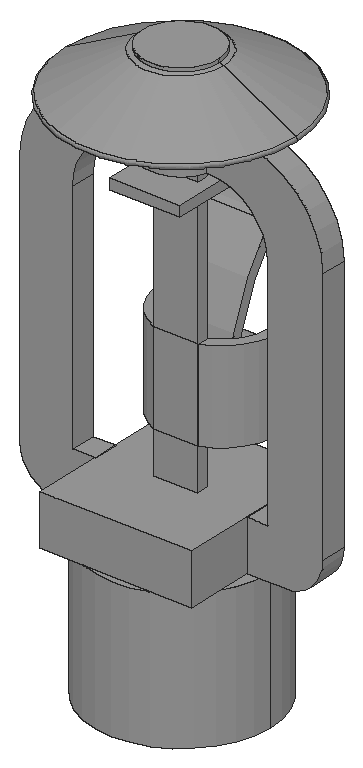
Revit family
Parameters (values of type "RASCO G CONVENTIONAL")
  Temperature Rating = 165 °F
  Response = (empty or 0)
  RASCO SIN # = "R1075"
  RASCO Part # = "GC1C"
  Pressure Rating = "175 PSI"
  Pressure Class = (empty or 0)
  Orifice Size = 1/2"
  Orifice = (empty or 0)
  Model = "G"
  Manufacturer = "RASCO"
  K-Factor = 5.62
  Description = "Chrome Finish"
  Coverage = (empty or 0)
Reference planes (in)
  plane 1 "Center (Front/Back)": y = 0
  plane 2: z = 0
  plane 3 "Center (Left/Right)": x = 0
Dimensions and locks (in)
  aligned and locked: plane 2 to level
Nested families (in)
  nested 1: "GC1C" at (0, 0, 0), type "RASCO G CONVENTIONAL"
Connectors (in)
  piping at (0, 0, 0)
    settings: on nested 1, index 1, connector radius 0.43", flow factor 0, pipe flow 0 GPM, pressure drop 0.00 psi, fitting loss kfactor 0, connector angle 0.00°, fixture units 0, flow configuration 0, flow direction 0, fitting loss method 0, system type 7, connector reference index -1, connector utility 0, adjustable connector no, is connector primary yes, fitting loss table "", connector description ""
Definition of nested family "GC1C"
  Parameters (values of type "RASCO G CONVENTIONAL")
    Type Comments = ""
    Temperature Rating = 0 °F
    Response = (empty or 0)
    Pressure Rating = "0"
    Pressure Class = (empty or 0)
    Orifice Size = 0"
    Orifice = (empty or 0)
    Model = ""
    Manufacturer = ""
    K-Factor = 0
    Description = ""
    Coverage = (empty or 0)
    Assembly Code = ""
  Reference planes (in)
    plane 1 "Center (Front/Back)": y = 0
    plane 2: z = 0
    plane 3 "ref.2": z = 0.6875
    plane 4 "ref.3": z = 0.9375
    plane 5: x = -0.38065
    plane 6: x = 0.36935
    plane 7 "ref. side 1": y = 0.06402
    plane 8 "ref. side 2": y = -0.06098
    plane 9 "ref.4": z = 1.875
    plane 10 "ref.5": z = 2.875
    plane 11 "center": x = -0.00574
  Forms (in)
    Extrusion 1, solid, material "Default"
      sketch origin (0, 0, 0) x (1, 0, 0) y (0, 1, 0)
        loop
          circle (0, 0) r 0.438
      from 0 to 0.6875
    Extrusion 2, solid, material "Default"
      sketch origin (-0.12185, 0.05177, 0.6875) x (1, 0, 0) y (0, 1, 0)
        loop
          line (-0.2588, 0.356) -> (-0.2588, -0.4565) -> (0.4912, -0.4565) -> (0.4912, 0.356) -> (-0.2588, 0.356)
      from 0 to 0.25
    Extrusion 3, solid, material "Default"
      sketch origin (0, 0, 0) x (1, 0, 0) y (0, 0, 1)
        loop
          line (-0.49248, 0.9375) -> (-0.49248, 2.10276)
          arc (-0.49248, 2.10276) -> (-0.40724, 2.30855) -> (-0.20145, 2.39379) r 0.29103
          line (-0.20145, 2.39379) -> (0.18108, 2.39379)
          arc (0.18108, 2.39379) -> (0.38905, 2.30765) -> (0.47519, 2.09969) r 0.29411
          line (0.47519, 2.09969) -> (0.47519, 0.9375) -> (0.36935, 0.9375) -> (0.36935, 0.6875) -> (0.55741, 0.6875)
          arc (0.55741, 0.6875) -> (0.69165, 0.7431) -> (0.74725, 0.87734) r 0.18984
          line (0.74725, 0.87734) -> (0.74725, 2.14825)
          arc (0.74725, 2.14825) -> (0.61669, 2.46344) -> (0.3015, 2.594) r 0.44574
          line (0.3015, 2.594) -> (-0.30719, 2.594)
          arc (-0.30719, 2.594) -> (-0.62225, 2.46349) -> (-0.75275, 2.14843) r 0.44556
          line (-0.75275, 2.14843) -> (-0.75275, 0.87876)
          arc (-0.75275, 0.87876) -> (-0.69673, 0.74352) -> (-0.56149, 0.6875) r 0.19126
          line (-0.56149, 0.6875) -> (-0.38065, 0.6875) -> (-0.38065, 0.9375) -> (-0.49248, 0.9375)
      from -0.06402 to 0.06098
    Extrusion 4, solid, material "Default"
      sketch origin (-0.00199, 0, 2.4375) x (-1, 0, 0) y (0, -1, 0)
        loop
          circle (0.00574, -0.00152) r 0.1875
      from -0.04371 to 0.4375
    Revolve 5, solid, material "Default"
      sketch origin (-0.0011, 0, 0.30638) x (1, 0, 0) y (0, 0, 1)
        loop
          line (-0.00574, 2.33367) -> (-0.00574, 2.55423) -> (-0.18796, 2.55423)
          arc (-0.18796, 2.55423) -> (-0.20324, 2.55235) -> (-0.21761, 2.54682) r 0.06306
          line (-0.21761, 2.54682) -> (-0.57397, 2.35694)
          arc (-0.57397, 2.35694) -> (-0.58015, 2.34304) -> (-0.56815, 2.33367) r 0.01236
          line (-0.56815, 2.33367) -> (-0.00574, 2.33367)
        axis (-0.00574, 2.33367) -> (-0.00574, 2.55423)
      angle from 0 to 360
    Extrusion 6, solid, material "Default"
      sketch origin (0, 0, 0.9375) x (-1, 0, 0) y (0, -1, 0)
        loop
          line (-0.10175, -0.02852) -> (0.11324, -0.02852) -> (0.11324, 0.03101) -> (-0.10175, 0.03101) -> (-0.10175, -0.02852)
      from 0 to 1.45629
    Extrusion 7, solid, material "Default"
      sketch origin (-0.00574, -0.0095, -0.07537) x (0, 0, -1) y (0, -1, 0)
        loop
          line (-2.39379, 0.21198) -> (-2.39379, -0.229)
          arc (-2.39379, -0.229) -> (-2.26956, -0.41579) -> (-2.04926, -0.37342) r 0.20254
          arc (-2.04926, -0.37342) -> (-1.6599, -0.16721) -> (-1.22163, -0.12207) r 1.15319
          line (-1.22163, -0.12207) -> (-1.22163, -0.07087)
          arc (-1.22163, -0.07087) -> (-1.6782, -0.11947) -> (-2.0834, -0.33544) r 1.20419
          arc (-2.0834, -0.33544) -> (-2.24878, -0.36919) -> (-2.34279, -0.229) r 0.15154
          line (-2.34279, -0.229) -> (-2.34279, 0.21198) -> (-2.39379, 0.21198)
      from -0.17255 to 0.17398
    Extrusion 8, solid, material "Default"
      sketch origin (0, 0, 0) x (1, 0, 0) y (0, 1, 0)
        loop
          arc (0.23993, 0.23051) -> (0.19768, 0.11115) -> (0.10175, 0.02852) r 0.24647
          line (0.10175, 0.02852) -> (-0.11324, 0.02852)
          arc (-0.11324, 0.02852) -> (-0.21767, 0.12447) -> (-0.25194, 0.2621) r 0.24647
          line (-0.25194, 0.2621) -> (-0.25194, 0.40777) -> (-0.30719, 0.40777) -> (-0.30719, 0.25942)
          arc (-0.30719, 0.25942) -> (-0.25653, 0.08328) -> (-0.11324, -0.03101) r 0.30157
          line (-0.11324, -0.03101) -> (0.10175, -0.03101)
          arc (0.10175, -0.03101) -> (0.24461, 0.08262) -> (0.29574, 0.25785) r 0.30157
          line (0.29574, 0.25785) -> (0.29574, 0.40777) -> (0.23993, 0.40777) -> (0.23993, 0.23051)
      from 1.14626 to 1.59756
    Extrusion 9, solid, material "Default"
      sketch origin (-0.00574, -0.0095, -0.07537) x (0, 0, -1) y (0, -1, 0)
        loop
          circle (-1.44728, -0.26892) r 0.13147
      from -0.24568 to 0.24619
  Cuts and joins
    joined: Extrusion 1, Extrusion 2, Revolve 5
  Dimensions and locks (in)
    plane 10 "ref.5" to level = 2.875"
